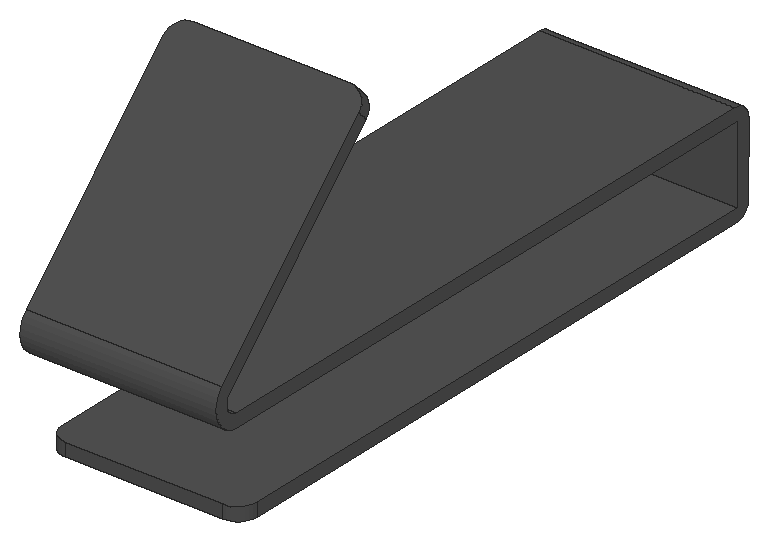
Revit family "CL60029-B_SQUARE SHOWER SCREEN HOOK", category Specialty Equipment, host Face, Revit 2015
Parameters (values of type "SQUARE SHOWER SCREEN HOOK BLACK")
  URL = "https://www.clark.com.au/"
  Model = "CL60029.B"
  Material_Base = GWA-Metal-Black
  Manufacturer = "GWA Bathrooms & Kitchens"  # constant formula
  Description = "SQUARE SHOWER SCREEN HOOK BLACK"
  Default Elevation = 900 mm
  CreatedBy_ANZRS = "GWA Bathrooms & Kitchens"  # constant formula
  Assembly Code = "C1030200"
Types (3, lengths in mm): name | Model | Material_Base | Description
  (no name) | "CL60029.B" | GWA-Metal-Black | "SQUARE SHOWER SCREEN HOOK BLACK"
  SQUARE SHOWER SCREEN HOOK BLACK | "CL60029.B" | GWA-Metal-Black | "SQUARE SHOWER SCREEN HOOK BLACK"
  SQUARE SHOWER SCREEN HOOK WHITE | "CL60029.W" | GWA-Metal-White | "SQUARE SHOWER SCREEN HOOK WHITE"
Reference planes
  plane 1 "Center (Front/Back)": y = 0
  plane 2: z = 0
  plane 3 "Center (Left/Right)": x = 0
  plane 4 "Hook": through (0, 25.878, 47.678) normal (0, -0.7071, 0.7071)
Forms (mm)
  Extrusion 1, solid, material "GWA-Metal-Black" <- "Material_Base"
    sketch origin (0, 0, 0) x (0, 1, 0) y (0, 0, 1)
      loop
        line (0, 0) -> (94.5, 0)
        arc (94.5, 0) -> (96.268, 0.732) -> (97, 2.5) r 2.5
        line (97, 2.5) -> (97, 13.5)
        arc (97, 13.5) -> (96.268, 15.268) -> (94.5, 16) r 2.5
        line (94.5, 16) -> (-0.972, 16)
        arc (-0.972, 16) -> (-2.819, 17.235) -> (-2.386, 19.414) r 2
        line (-2.386, 19.414) -> (25.878, 47.678) -> (24.464, 49.093) -> (-3.8, 20.828)
        arc (-3.8, 20.828) -> (-4.667, 16.469) -> (-0.972, 14) r 4
        line (-0.972, 14) -> (95, 14) -> (95, 2) -> (0, 2) -> (0, 0)
    from -15 to 15
  Extrusion 2, void
    sketch origin (-9.962, 0.872, 0) x (1, 0, 0) y (0, 1, 0)
      loop
        line (21.962, -3.872) -> (27.962, -3.872) -> (27.962, 2.128) -> (24.962, 2.128)
        arc (24.962, 2.128) -> (24.083, 0.007) -> (21.962, -0.872) r 3
        line (21.962, -0.872) -> (21.962, -3.872)
    from -5 to 5
  Extrusion 3, void
    sketch origin (9.962, 0.872, 0) x (-1, 0, 0) y (0, -1, 0)
      loop
        line (21.962, 3.872) -> (21.962, 0.872)
        arc (21.962, 0.872) -> (24.083, -0.007) -> (24.962, -2.128) r 3
        line (24.962, -2.128) -> (27.962, -2.128) -> (27.962, 3.872) -> (21.962, 3.872)
    from -5 to 5
  Extrusion 4, void
    sketch origin (0, -10.9, 10.9) x (0, 0.707107, 0.707107) y (-1, 0, 0)
      loop
        line (49.012, -15) -> (49.012, -18) -> (55.012, -18) -> (55.012, -12) -> (52.012, -12)
        arc (52.012, -12) -> (51.134, -14.121) -> (49.012, -15) r 3
    from -5 to 5
  Extrusion 5, void
    sketch origin (0, -10.9, 10.9) x (0, 0.707107, 0.707107) y (-1, 0, 0)
      loop
        arc (49.012, 15) -> (51.134, 14.121) -> (52.012, 12) r 3
        line (52.012, 12) -> (55.012, 12) -> (55.012, 18) -> (49.012, 18) -> (49.012, 15)
    from -5 to 5
Cuts and joins
  Extrusion 2, Extrusion 3, Extrusion 4, Extrusion 5 cuts Extrusion 1
Lines and regions (mm)
  Masking region 1
    outline origin (0, 0, 0) x (1, 0, 0) y (0, 1, 0)
      loop
        line (-15, 97) -> (-15, -4.972) -> (15, -4.972) -> (15, 97) -> (-15, 97)
  Masking region 2
    outline origin (0, 0, 0) x (1, 0, 0) y (0, 0, 1)
      loop
        spline (15, 46.971) -> (14.974, 47.248) -> (14.898, 47.52) -> (14.772, 47.783) -> (14.598, 48.032) -> (14.38, 48.263) -> (14.121, 48.471) -> (13.826, 48.654) -> (13.5, 48.808) -> (13.148, 48.931) -> (12.776, 49.02) -> (12.392, 49.074) -> (12, 49.093)
        line (12, 49.093) -> (-12, 49.093)
        spline (-12, 49.093) -> (-12.392, 49.074) -> (-12.776, 49.02) -> (-13.148, 48.931) -> (-13.5, 48.808) -> (-13.826, 48.654) -> (-14.121, 48.471) -> (-14.38, 48.263) -> (-14.598, 48.032) -> (-14.772, 47.783) -> (-14.898, 47.52) -> (-14.974, 47.248) -> (-15, 46.971)
        line (-15, 46.971) -> (-15, 0) -> (15, 0) -> (15, 46.971)
  Masking region 3
    outline origin (0, 0, 0) x (0, 1, 0) y (0, 0, 1)
      loop
        line (24.464, 49.093) -> (-3.8, 20.828)
        arc (-3.8, 20.828) -> (-4.667, 16.469) -> (-0.972, 14) r 4
        line (-0.972, 14) -> (95, 14) -> (95, 2) -> (0, 2) -> (0, 0) -> (94.5, 0)
        arc (94.5, 0) -> (96.268, 0.732) -> (97, 2.5) r 2.5
        line (97, 2.5) -> (97, 13.5)
        arc (97, 13.5) -> (96.268, 15.268) -> (94.5, 16) r 2.5
        line (94.5, 16) -> (-0.972, 16)
        arc (-0.972, 16) -> (-2.819, 17.235) -> (-2.386, 19.414) r 2
        line (-2.386, 19.414) -> (25.878, 47.678) -> (24.464, 49.093)
  symbolic lines
    curve 1: spline (-12, 24.464, 0) -> (-12.392, 24.446, 0) -> (-12.776, 24.392, 0) -> (-13.148, 24.303, 0) -> (-13.5, 24.18, 0) -> (-13.826, 24.026, 0) -> (-14.121, 23.843, 0) -> (-14.38, 23.634, 0) -> (-14.598, 23.404, 0) -> (-14.772, 23.155, 0) -> (-14.898, 22.892, 0) -> (-14.974, 22.62, 0) -> (-15, 22.343, 0)
    curve 2: line (-12, 24.464, 0) -> (12, 24.464, 0)
    curve 3: spline (15, 22.343, 0) -> (14.974, 22.62, 0) -> (14.898, 22.892, 0) -> (14.772, 23.155, 0) -> (14.598, 23.404, 0) -> (14.38, 23.634, 0) -> (14.121, 23.843, 0) -> (13.826, 24.026, 0) -> (13.5, 24.18, 0) -> (13.148, 24.303, 0) -> (12.776, 24.392, 0) -> (12.392, 24.446, 0) -> (12, 24.464, 0)
    curve 4: spline (12, 25.878, 0) -> (12.392, 25.86, 0) -> (12.776, 25.806, 0) -> (13.148, 25.717, 0) -> (13.5, 25.594, 0) -> (13.826, 25.44, 0) -> (14.121, 25.257, 0) -> (14.38, 25.048, 0) -> (14.598, 24.818, 0) -> (14.772, 24.569, 0) -> (14.898, 24.306, 0) -> (14.974, 24.034, 0) -> (15, 23.757, 0)
    curve 5: line (-12, 25.878, 0) -> (12, 25.878, 0)
    curve 6: spline (-15, 23.757, 0) -> (-14.974, 24.034, 0) -> (-14.898, 24.306, 0) -> (-14.772, 24.569, 0) -> (-14.598, 24.818, 0) -> (-14.38, 25.048, 0) -> (-14.121, 25.257, 0) -> (-13.826, 25.44, 0) -> (-13.5, 25.594, 0) -> (-13.148, 25.717, 0) -> (-12.776, 25.806, 0) -> (-12.392, 25.86, 0) -> (-12, 25.878, 0)
    curve 7: line (15, 0, 16) -> (-15, 0, 16)
    curve 8: spline (12, 0, 47.678) -> (12.392, 0, 47.66) -> (12.776, 0, 47.606) -> (13.148, 0, 47.517) -> (13.5, 0, 47.394) -> (13.826, 0, 47.24) -> (14.121, 0, 47.057) -> (14.38, 0, 46.848) -> (14.598, 0, 46.618) -> (14.772, 0, 46.369) -> (14.898, 0, 46.106) -> (14.974, 0, 45.834) -> (15, 0, 45.557)
    curve 9: line (-12, 0, 47.678) -> (12, 0, 47.678)
    curve 10: spline (-15, 0, 45.557) -> (-14.974, 0, 45.834) -> (-14.898, 0, 46.106) -> (-14.772, 0, 46.369) -> (-14.598, 0, 46.618) -> (-14.38, 0, 46.848) -> (-14.121, 0, 47.057) -> (-13.826, 0, 47.24) -> (-13.5, 0, 47.394) -> (-13.148, 0, 47.517) -> (-12.776, 0, 47.606) -> (-12.392, 0, 47.66) -> (-12, 0, 47.678)
Dimensions and locks
  aligned and locked: plane 2 to host face
  aligned and locked: level to host face
